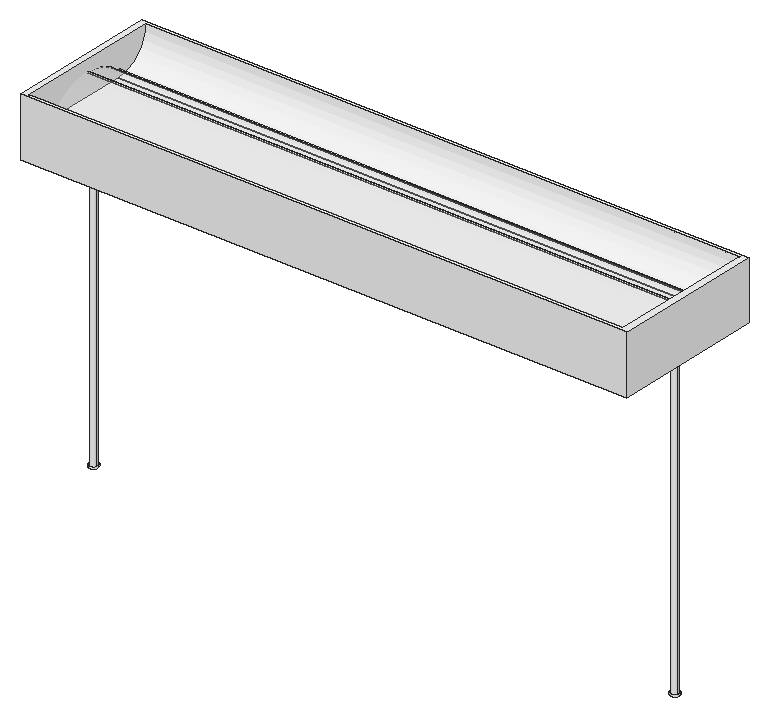
Revit family "TCAT14-CM", category Lighting Fixtures, host Face, Revit 2021
Family settings
  Host = Face
  Round Connector Dimension = Use Diameter
  Part Type = Normal
  OmniClass Number = 23.80.70.11
  OmniClass Title = Luminaries for Internal Lighting
  Cut with Voids When Loaded = No
  Light Source = No
  Shared = No
  Room Calculation Point = No
Parameters (values of type "TCAT14")
  zz Length = Row Length - 1.000"  # 47.000"
  Width = 12.000"
  Watts = 58 W
  Warranty = "Five year warranty"  # constant formula
  Voltage = 120 V
  Suspension Height = 24.000"
  Wattage Comments = "21-58 W"  # constant formula
  URL = "https://www.currentlighting.com/columbia"
  Product Page URL = ""
  Product Documentation Link = ""
  Photometric Web = Web TCAT14 : TCAT14-30MLx-EDU
  Model = "TCAT14"  # constant formula
  Manufacturer = "Columbia Lighting"  # constant formula
  Row Length = 48.000"
  Load Classification = Lighting
  Lamp = "LED Lamp"  # constant formula
  Light Bulb = White Glass
  Description = "1'x 4'LED Twin Contempory Architectural Troffer."  # constant formula
  Default Elevation = 48.000"
  Certifications = "UL1598, 2108 & CSA"  # constant formula
  Backbox = White
  Apparent Load = 0 VA
Reference planes (in)
  plane 1 "Center (Front/Back)": y = 0.03999
  plane 2: z = 0
  plane 3 "Center (Left/Right)": x = 1.66944
  plane 4: x = -22.33056
  plane 5: x = 25.66944
  plane 6: z = 24
  plane 7: x = -21.33056
  plane 8: x = 24.66944
Forms (in)
  Revolve 1, solid, material "White" <- "Backbox"
    sketch origin (0, 0.03999, 0) x (1, 0, 0) y (0, 0, 1)
      loop
        line (-21.33056, 24) -> (-21.33056, 0) -> (-20.97056, 0) -> (-20.97056, 0.1) -> (-21.09056, 0.1) -> (-21.09056, 23.9) -> (-20.97056, 23.9) -> (-20.97056, 24) -> (-21.33056, 24)
      axis (-21.33056, 24) -> (-21.33056, 0)
    angle from 0 to 360
  Revolve 2, solid, material "White" <- "Backbox"
    sketch origin (0, 0.03999, 0) x (1, 0, 0) y (0, 0, 1)
      loop
        line (24.66944, 24) -> (24.66944, 0) -> (25.02944, 0) -> (25.02944, 0.1) -> (24.90944, 0.1) -> (24.90944, 23.9) -> (25.02944, 23.9) -> (25.02944, 24) -> (24.66944, 24)
      axis (24.66944, 24) -> (24.66944, 0)
    angle from 0 to 360
Dimensions and locks (in)
  equal spacing: plane 5, plane 3 "Center (Left/Right)", plane 4
  "Suspension Height": plane 6 to level
  equal spacing: plane 8, plane 3 "Center (Left/Right)", plane 7
  locked: plane 7 to plane 4 at 1
  "Row Length": plane 5 to plane 4
  locked: Revolve 1 sketch curve to level at 0.1
  locked: plane 6 to Revolve 2 sketch curve at 0.1
  locked: plane 8 to Revolve 2 sketch curve at 0.24
  locked: Revolve 2 sketch curve to Revolve 2 sketch curve at 0.36
  locked: plane 8 to Revolve 2 sketch curve at 0.36
  locked: Revolve 2 sketch curve to plane 2 at 0.1
  locked: Revolve 1 sketch curve to plane 7 at 0.24
  Revolve 1 sketch curve to plane 2 = 0.100"
  locked: plane 7 to Revolve 1 sketch curve at 0.36
  locked: Revolve 1 sketch curve to plane 7 at 0.36
  aligned and locked: plane 2 to host face
  aligned and locked: level to host face
  aligned and locked: Revolve 1 sketch curve to plane 7
  aligned and locked: Revolve 1 sketch curve to plane 6
  aligned and locked: host face to Revolve 1 sketch curve
  aligned and locked: Revolve 1 sketch curve to Revolve 1 sketch curve
  aligned and locked: Revolve 2 sketch curve to Revolve 2 sketch curve
  aligned and locked: plane 8 to Revolve 2 sketch curve
  aligned and locked: plane 3 "Center (Left/Right)" to nested 1
  aligned and locked: plane 1 "Center (Front/Back)" to nested 1
  aligned and locked: plane 2 to Revolve 2 sketch curve
  aligned and locked: Revolve 2 sketch curve to plane 6
  aligned and locked: nested 2 to plane 3 "Center (Left/Right)"
  aligned and locked: plane 1 "Center (Front/Back)" to nested 2
  aligned and locked: Revolve 2 to Revolve 1
Automatic sketch dimensions
  host sketch curve to host sketch curve = 96.000"  (x2)
  Revolve 1 sketch curve to plane 6 = 0.100"
  Revolve 1 sketch curve to level = 8.000"
  Revolve 1 sketch curve to Revolve 1 sketch curve = 2.500"
  plane 8 to Revolve 2 sketch curve = 0.000"
  Revolve 2 sketch curve to Revolve 2 sketch curve = 8.000"
  Revolve 2 sketch curve to Revolve 2 sketch curve = 2.500"
Nested families (in)
  nested 1: "LED Contemporary Architectural Troffer" at (1.66944, 0.03999, 24), Glass <- "Light Bulb", Finish <- "Backbox", Row Length <- "Row Length", Width <- "Width", type "LED Contemporary Architectural Troffer"
    with Width 12.000", Row Length 48.000", Height 4.625", Glass White Glass, Finish White
  nested 2: "Web TCAT14" at (1.62945, -0.19897, 26) x (0, -1, 0) z (0, 0, 1), type <- "Photometric Web", type "TCAT14-30MLx-EDU"
Connectors (in)
  electrical at (24.66944, 0.03999, 24), driven by "Voltage", driven by "Apparent Load", driven by "Load Classification"
    settings: on Revolve 2, index 1, voltage 120 V, apparent load 0 VA, apparent load phase1 0 VA, apparent load phase2 0 VA, apparent load phase3 0 VA, power factor 1, load classification "Lighting", number of poles 1, system type 30, power factor state 1, is connector primary yes, connector utility no, sub classification motor no, connector description "Lighting Connector"
Definition of nested family "LED Contemporary Architectural Troffer"
  Parameters
    Width [instance] = 24.000"
    Row Length [instance] = 24.000"
    Height [instance] = 4.000"
    Glass [instance] = none
    Finish [instance] = none
    Default Elevation = 48.000"
  Reference planes (in)
    plane 1 "Center (Front/Back)": y = 0
    plane 2: z = 0
    plane 3 "Center (Left/Right)": x = 0
    plane 4: x = 12
    plane 5: x = -12
    plane 6: y = -12
    plane 7: y = 12
    plane 8: z = 4
    plane 9: x = -11.5
    plane 10: x = 11.5
    plane 11: y = -3
    plane 12: y = 3
    plane 13: z = 2
    plane 14: y = -11.75
    plane 15: y = 11.75
    plane 16: z = 0.25
  Forms (in)
    Extrusion 1, solid
      sketch origin (0, 0, 0) x (1, 0, 0) y (0, 1, 0)
        loop
          line (-48, 48) -> (-48, -48) -> (48, -48) -> (48, 48) -> (-48, 48)
      from 0 to -12
    Extrusion 2, solid, material <- "Glass"
      sketch origin (0, 0, 0) x (0, 1, 0) y (0, 0, 1)
        loop
          arc (-3.0054, 2) -> (-3.2554, 2.25) -> (-3.0054, 2.5) r 0.25
          arc (-3.0054, 2.5) -> (-1.62233, 3.40315) -> (0, 3.71395) r 4.27102
          arc (0, 3.71395) -> (1.62233, 3.40315) -> (3.0054, 2.5) r 4.27102
          arc (3.0054, 2.5) -> (3.2554, 2.25) -> (3.0054, 2) r 0.25
          line (3.0054, 2) -> (3.0054, 1.89823)
          arc (3.0054, 1.89823) -> (3.35619, 2.24902) -> (3.0054, 2.59982) r 0.35079
          arc (3.0054, 2.59982) -> (1.6184, 3.48995) -> (0, 3.80122) r 4.35698
          arc (0, 3.80122) -> (-1.6184, 3.48995) -> (-3.0054, 2.59982) r 4.35698
          arc (-3.0054, 2.59982) -> (-3.35619, 2.24902) -> (-3.0054, 1.89823) r 0.35079
          line (-3.0054, 1.89823) -> (-3.0054, 2)
      from -11.5 to 11.5
    Extrusion 3, solid, material <- "Finish"
      sketch origin (0, 0, 0) x (0, 1, 0) y (0, 0, 1)
        loop
          line (-12, 4) -> (-12, 0) -> (12, 0) -> (12, 4) -> (-12, 4)
      from 11.5 to 12
    Extrusion 4, solid, material <- "Finish"
      sketch origin (0, 0, 0) x (0, 1, 0) y (0, 0, 1)
        loop
          line (12, 4) -> (-12, 4) -> (-12, 0) -> (12, 0) -> (12, 4)
      from -12 to -11.5
    Extrusion 5, solid, material <- "Finish"
      sketch origin (0, 0, 0) x (0, 1, 0) y (0, 0, 1)
        loop
          line (-12, 0) -> (12, 0) -> (12, 4) -> (11.75, 4) -> (11.75, 0.25) -> (-11.75, 0.25) -> (-11.75, 4) -> (-12, 4) -> (-12, 0)
      from -11.5 to 11.5
    Extrusion 6, solid, material <- "Finish"
      sketch origin (0, 0, 0) x (0, 1, 0) y (0, 0, 1)
        loop
          arc (-3, 2) -> (-7.48783, 2.50637) -> (-11.75, 4) r 20.14062
          line (-11.75, 4) -> (-11.75, 0.25) -> (11.75, 0.25) -> (11.75, 4)
          arc (11.75, 4) -> (7.48783, 2.50637) -> (3, 2) r 20.14062
          line (3, 2) -> (-3, 2)
      from -12 to 12
  Cuts and joins
    joined: Extrusion 3, Extrusion 4, Extrusion 5, Extrusion 6
  Dimensions and locks (in)
    equal spacing: plane 4, plane 3 "Center (Left/Right)", plane 5
    "Row Length": plane 4 to plane 5
    equal spacing: plane 6, plane 1 "Center (Front/Back)", plane 7
    "Width": plane 6 to plane 7
    "Height": plane 8 to plane 2
    equal spacing: plane 10, plane 3 "Center (Left/Right)", plane 9
    locked: plane 9 to plane 5 at 0.5
    equal spacing: plane 11, plane 1 "Center (Front/Back)", plane 12
    locked: plane 11 to plane 1 "Center (Front/Back)" at 3
    locked: plane 6 to plane 14 at 0.25
    equal spacing: plane 14, plane 1 "Center (Front/Back)", plane 15
    locked: plane 16 to level at 0.25
    level to Extrusion 5 = 4.000"
    aligned and locked: plane 2 to Extrusion 1
    aligned and locked: level to Extrusion 1
    aligned and locked: Extrusion 2 to plane 10
    aligned and locked: Extrusion 2 to plane 9
    aligned and locked: plane 8 to Extrusion 3 sketch curve
    aligned and locked: plane 6 to Extrusion 3 sketch curve
    aligned and locked: level to Extrusion 3 sketch curve
    aligned and locked: Extrusion 3 sketch curve to plane 7
    aligned and locked: plane 4 to Extrusion 3
    aligned and locked: plane 10 to Extrusion 3
    aligned and locked: Extrusion 4 sketch curve to Extrusion 3  (x4)
    aligned and locked: Extrusion 4 to plane 5
    aligned and locked: plane 9 to Extrusion 4
    aligned and locked: Extrusion 5 sketch curve to Extrusion 3  (x4)
    aligned and locked: plane 8 to Extrusion 5 sketch curve
    aligned and locked: Extrusion 5 sketch curve to plane 14
    aligned and locked: plane 16 to Extrusion 5 sketch curve
    aligned and locked: Extrusion 5 sketch curve to plane 15
    aligned and locked: Extrusion 5 to plane 10
    aligned and locked: Extrusion 5 to plane 9
    aligned and locked: plane 13 to Extrusion 6 sketch curve
    aligned and locked: plane 12 to Extrusion 6 sketch curve
    aligned and locked: plane 11 to Extrusion 6 sketch curve
    aligned and locked: Extrusion 6 sketch curve to plane 14
    aligned and locked: plane 16 to Extrusion 6 sketch curve
    aligned and locked: Extrusion 6 sketch curve to plane 15
    aligned and locked: plane 4 to Extrusion 6
    aligned and locked: Extrusion 6 to plane 5
  Automatic sketch dimensions
    Extrusion 1 sketch curve to Extrusion 1 sketch curve = 96.000"  (x2)
    plane 13 to Extrusion 2 sketch curve = 0.000"  (x2)
    Extrusion 2 sketch curve to plane 1 "Center (Front/Back)" = 0.000"  (x2)
    plane 1 "Center (Front/Back)" to Extrusion 2 sketch curve = 0.00113"
    Extrusion 2 sketch curve to Extrusion 2 sketch curve = 0.0216"  (x2)
    Extrusion 2 sketch curve to plane 11 = 0.0054"
    Extrusion 2 sketch curve to plane 1 "Center (Front/Back)" = 0.00113"
    Extrusion 2 sketch curve to plane 12 = 0.0054"
    plane 13 to Extrusion 2 sketch curve = 0.10177"  (x2)
    Extrusion 2 sketch curve to level = 0.55575"
    Extrusion 2 sketch curve to Extrusion 2 sketch curve = 0.000"
    Extrusion 2 sketch curve to Extrusion 2 sketch curve = 0.00126"  (x2)
    Extrusion 2 sketch curve to Extrusion 2 sketch curve = 0.24902"
    Extrusion 2 sketch curve to Extrusion 2 sketch curve = 0.00098"
    plane 8 to Extrusion 6 sketch curve = 0.000"  (x2)
Definition of nested family "Web TCAT14"
  Parameters
    Wattage Comments = ""
    Wattage = 44 W
    built-in parameter 1150110 = 1 (stored number, unit not read)
    URL = ""
    built-in parameter 1114217 = 1 (stored number, unit not read)
    Tilt Angle = 90.00°
    built-in parameter 1150109 = 1 (stored number, unit not read)
    built-in parameter 1150134 = 2
    built-in parameter 1150113 = 1 (stored number, unit not read)
    Product Page URL = ""
    Product Documentation Link = ""
    Photometric Web File = "TCAT14-50XWx-EDU.ies"
    Model = ""
    Manufacturer Phone = ""
    Manufacturer Fax = ""
    Manufacturer = ""
    built-in parameter 1150105 = 343.14 (stored number, unit not read)
    Lumens = 4312 lm
    built-in parameter 1150115 = 1 (stored number, unit not read)
    built-in parameter 1150137 = (empty or 0)
    built-in parameter 1150139 = (empty or 0)
    built-in parameter 1150112 = 1 (stored number, unit not read)
    built-in parameter 1150114 = 1 (stored number, unit not read)
    Lamp = ""
    built-in parameter 1150132 = (empty or 0)
    built-in parameter 1150102 = (empty or 0)
    built-in parameter 1150107 = 5000 (stored number, unit not read)
    built-in parameter 1150138 = (empty or 0)
    built-in parameter 1150106 = 3.4314 (stored number, unit not read)
    Emit from Rectangle Width = 6.000"
    Emit from Rectangle Length = 47.000"
    Emit Shape Visible in Rendering = no
    built-in parameter 1150104 = 9.1045 (stored number, unit not read)
    Dimming Lamp Color Temperature Shift = (empty or 0)
    Description = ""
    Default Elevation = 48.000"
    Color Filter = 16777215
    built-in parameter 1114218 = 1 (stored number, unit not read)
    built-in parameter 1150133 = 10 (stored number, unit not read)
  Reference planes (in)
    plane 1 "Center (Front/Back)": y = 0.03999
    plane 2: z = 0
    plane 3 "Center (Left/Right)": x = -0.23896
  Forms (in)
    Extrusion 1, solid
      sketch origin (0, 0, 0.06357) x (1, 0, 0) y (0, 1, 0)
        loop
          line (-48, 48) -> (-48, -48) -> (48, -48) -> (48, 48) -> (-48, 48)
      from -0.06357 to -6.74357
  Lines and regions (in)
    reference lines
      curve 1: line (-0.23896, 0.03999, 18.11448) -> (-0.23896, 0.03999, -22.88552)
      curve 2: line (-0.23896, 0.03999, 34) -> (-0.23896, 0.03999, -22.88552)
  Dimensions and locks (in)
    aligned and locked: plane 2 to Extrusion 1
    aligned and locked: level to Extrusion 1
    aligned and locked: curve 1 to plane 3 "Center (Left/Right)"
    aligned and locked: plane 1 "Center (Front/Back)" to curve 2
    aligned and locked: imposter light to plane 1 "Center (Front/Back)"
    aligned and locked: imposter light to level
    aligned and locked: plane 3 "Center (Left/Right)" to imposter light
